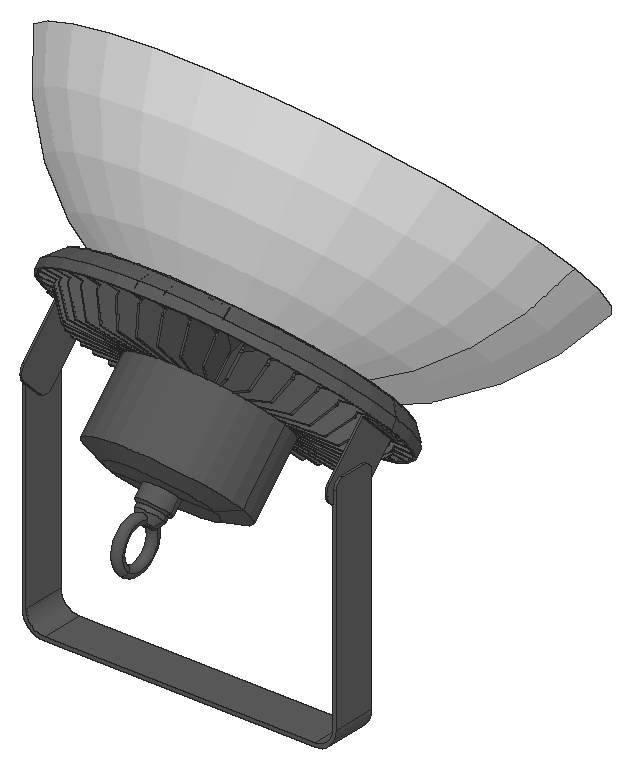
Revit family "0039362+0039353+0039356 Sylvania Lighting Fixture START HighBay IP65 DALI 13000lm 840 MB with BRACKET and ALU SHADE ALU COLOR FOR 13 19KLM", category Lighting Fixtures, host Face, Revit 2016 (continued)
Definition of nested family "Start LED Highbay DALI Head"
  Nested families
    nested 6: "Start Highbay Rib" at (0, 0, 80.875) x (0.7071, 0.7071, 0) z (0, 0, 1), type "Type Name", detail levels medium+fine
      with SuspensionHeight_FEILO 2.6 mm, WidthStraight_FEILO 4.7 mm, WidthRingChamfer_FEILO 12.9 mm, WidthCurved_FEILO 26.2 mm, WidthCurvedRing_FEILO 4.7 mm, SizeS_FEILO no, Rib4_FEILO 14.6 mm, Rib3_FEILO 20.2 mm, Rib2_FEILO 4.5 mm, Rib1_FEILO 19 mm, RadiusDiffuser_FEILO 120 mm, RHRadius3_FEILO 8.6 mm, RHRadius2_FEILO 14 mm, RHRadius1_FEILO 17.7 mm, RHHeight4_FEILO 9.2 mm, RHHeight3_FEILO 4.6 mm, RHHeight2_FEILO 2.6 mm, RHHeight1_FEILO 17.4 mm, HeightRing_FEILO 36.8 mm, HeightRingChamfer_FEILO 26.6 mm, EyeThickness_FEILO 10.5 mm, EyeThicknessHalf_FEILO 5.25 mm, EyeInner_FEILO 17.3 mm, DriverVerticalStraight_FEILO 57 mm, DriverVerticalChamfer_FEILO 9.5 mm, DriverRadius_FEILO 76.4 mm, DriverRadiusTop_FEILO 52.4 mm, DriverBottom_FEILO 74 mm, Radius_FEILO 169.5 mm
    nested 7: "Start Highbay Rib" at (0, 0, 80.875) x (0.5878, 0.809, 0) z (0, 0, 1), type "Type Name", detail levels medium+fine
      with SuspensionHeight_FEILO 2.6 mm, WidthStraight_FEILO 4.7 mm, WidthRingChamfer_FEILO 12.9 mm, WidthCurved_FEILO 26.2 mm, WidthCurvedRing_FEILO 4.7 mm, SizeS_FEILO no, Rib4_FEILO 14.6 mm, Rib3_FEILO 20.2 mm, Rib2_FEILO 4.5 mm, Rib1_FEILO 19 mm, RadiusDiffuser_FEILO 120 mm, RHRadius3_FEILO 8.6 mm, RHRadius2_FEILO 14 mm, RHRadius1_FEILO 17.7 mm, RHHeight4_FEILO 9.2 mm, RHHeight3_FEILO 4.6 mm, RHHeight2_FEILO 2.6 mm, RHHeight1_FEILO 17.4 mm, HeightRing_FEILO 36.8 mm, HeightRingChamfer_FEILO 26.6 mm, EyeThickness_FEILO 10.5 mm, EyeThicknessHalf_FEILO 5.25 mm, EyeInner_FEILO 17.3 mm, DriverVerticalStraight_FEILO 57 mm, DriverVerticalChamfer_FEILO 9.5 mm, DriverRadius_FEILO 76.4 mm, DriverRadiusTop_FEILO 52.4 mm, DriverBottom_FEILO 74 mm, Radius_FEILO 169.5 mm
    nested 8: "Start Highbay Rib" at (0, 0, 80.875) x (0.454, 0.891, 0) z (0, 0, 1), type "Type Name", detail levels medium+fine
      with SuspensionHeight_FEILO 2.6 mm, WidthStraight_FEILO 4.7 mm, WidthRingChamfer_FEILO 12.9 mm, WidthCurved_FEILO 26.2 mm, WidthCurvedRing_FEILO 4.7 mm, SizeS_FEILO no, Rib4_FEILO 14.6 mm, Rib3_FEILO 20.2 mm, Rib2_FEILO 4.5 mm, Rib1_FEILO 19 mm, RadiusDiffuser_FEILO 120 mm, RHRadius3_FEILO 8.6 mm, RHRadius2_FEILO 14 mm, RHRadius1_FEILO 17.7 mm, RHHeight4_FEILO 9.2 mm, RHHeight3_FEILO 4.6 mm, RHHeight2_FEILO 2.6 mm, RHHeight1_FEILO 17.4 mm, HeightRing_FEILO 36.8 mm, HeightRingChamfer_FEILO 26.6 mm, EyeThickness_FEILO 10.5 mm, EyeThicknessHalf_FEILO 5.25 mm, EyeInner_FEILO 17.3 mm, DriverVerticalStraight_FEILO 57 mm, DriverVerticalChamfer_FEILO 9.5 mm, DriverRadius_FEILO 76.4 mm, DriverRadiusTop_FEILO 52.4 mm, DriverBottom_FEILO 74 mm, Radius_FEILO 169.5 mm
    nested 9: "Start Highbay Rib" at (0, 0, 80.875) x (0.309, 0.9511, 0) z (0, 0, 1), type "Type Name", detail levels medium+fine
      with SuspensionHeight_FEILO 2.6 mm, WidthStraight_FEILO 4.7 mm, WidthRingChamfer_FEILO 12.9 mm, WidthCurved_FEILO 26.2 mm, WidthCurvedRing_FEILO 4.7 mm, SizeS_FEILO no, Rib4_FEILO 14.6 mm, Rib3_FEILO 20.2 mm, Rib2_FEILO 4.5 mm, Rib1_FEILO 19 mm, RadiusDiffuser_FEILO 120 mm, RHRadius3_FEILO 8.6 mm, RHRadius2_FEILO 14 mm, RHRadius1_FEILO 17.7 mm, RHHeight4_FEILO 9.2 mm, RHHeight3_FEILO 4.6 mm, RHHeight2_FEILO 2.6 mm, RHHeight1_FEILO 17.4 mm, HeightRing_FEILO 36.8 mm, HeightRingChamfer_FEILO 26.6 mm, EyeThickness_FEILO 10.5 mm, EyeThicknessHalf_FEILO 5.25 mm, EyeInner_FEILO 17.3 mm, DriverVerticalStraight_FEILO 57 mm, DriverVerticalChamfer_FEILO 9.5 mm, DriverRadius_FEILO 76.4 mm, DriverRadiusTop_FEILO 52.4 mm, DriverBottom_FEILO 74 mm, Radius_FEILO 169.5 mm
    nested 10: "Start Highbay Rib" at (0, 0, 80.875) x (0.1564, 0.9877, 0) z (0, 0, 1), type "Type Name", detail levels medium+fine
      with SuspensionHeight_FEILO 2.6 mm, WidthStraight_FEILO 4.7 mm, WidthRingChamfer_FEILO 12.9 mm, WidthCurved_FEILO 26.2 mm, WidthCurvedRing_FEILO 4.7 mm, SizeS_FEILO no, Rib4_FEILO 14.6 mm, Rib3_FEILO 20.2 mm, Rib2_FEILO 4.5 mm, Rib1_FEILO 19 mm, RadiusDiffuser_FEILO 120 mm, RHRadius3_FEILO 8.6 mm, RHRadius2_FEILO 14 mm, RHRadius1_FEILO 17.7 mm, RHHeight4_FEILO 9.2 mm, RHHeight3_FEILO 4.6 mm, RHHeight2_FEILO 2.6 mm, RHHeight1_FEILO 17.4 mm, HeightRing_FEILO 36.8 mm, HeightRingChamfer_FEILO 26.6 mm, EyeThickness_FEILO 10.5 mm, EyeThicknessHalf_FEILO 5.25 mm, EyeInner_FEILO 17.3 mm, DriverVerticalStraight_FEILO 57 mm, DriverVerticalChamfer_FEILO 9.5 mm, DriverRadius_FEILO 76.4 mm, DriverRadiusTop_FEILO 52.4 mm, DriverBottom_FEILO 74 mm, Radius_FEILO 169.5 mm
    nested 11: "Start Highbay Rib" at (0, 0, 80.875) x (0, 1, 0) z (0, 0, 1), type "Type Name", detail levels medium+fine
      with SuspensionHeight_FEILO 2.6 mm, WidthStraight_FEILO 4.7 mm, WidthRingChamfer_FEILO 12.9 mm, WidthCurved_FEILO 26.2 mm, WidthCurvedRing_FEILO 4.7 mm, SizeS_FEILO no, Rib4_FEILO 14.6 mm, Rib3_FEILO 20.2 mm, Rib2_FEILO 4.5 mm, Rib1_FEILO 19 mm, RadiusDiffuser_FEILO 120 mm, RHRadius3_FEILO 8.6 mm, RHRadius2_FEILO 14 mm, RHRadius1_FEILO 17.7 mm, RHHeight4_FEILO 9.2 mm, RHHeight3_FEILO 4.6 mm, RHHeight2_FEILO 2.6 mm, RHHeight1_FEILO 17.4 mm, HeightRing_FEILO 36.8 mm, HeightRingChamfer_FEILO 26.6 mm, EyeThickness_FEILO 10.5 mm, EyeThicknessHalf_FEILO 5.25 mm, EyeInner_FEILO 17.3 mm, DriverVerticalStraight_FEILO 57 mm, DriverVerticalChamfer_FEILO 9.5 mm, DriverRadius_FEILO 76.4 mm, DriverRadiusTop_FEILO 52.4 mm, DriverBottom_FEILO 74 mm, Radius_FEILO 169.5 mm
    nested 12: "Start Highbay Rib" at (0, 0, 80.875) x (-0.1564, 0.9877, 0) z (0, 0, 1), type "Type Name", detail levels medium+fine
      with SuspensionHeight_FEILO 2.6 mm, WidthStraight_FEILO 4.7 mm, WidthRingChamfer_FEILO 12.9 mm, WidthCurved_FEILO 26.2 mm, WidthCurvedRing_FEILO 4.7 mm, SizeS_FEILO no, Rib4_FEILO 14.6 mm, Rib3_FEILO 20.2 mm, Rib2_FEILO 4.5 mm, Rib1_FEILO 19 mm, RadiusDiffuser_FEILO 120 mm, RHRadius3_FEILO 8.6 mm, RHRadius2_FEILO 14 mm, RHRadius1_FEILO 17.7 mm, RHHeight4_FEILO 9.2 mm, RHHeight3_FEILO 4.6 mm, RHHeight2_FEILO 2.6 mm, RHHeight1_FEILO 17.4 mm, HeightRing_FEILO 36.8 mm, HeightRingChamfer_FEILO 26.6 mm, EyeThickness_FEILO 10.5 mm, EyeThicknessHalf_FEILO 5.25 mm, EyeInner_FEILO 17.3 mm, DriverVerticalStraight_FEILO 57 mm, DriverVerticalChamfer_FEILO 9.5 mm, DriverRadius_FEILO 76.4 mm, DriverRadiusTop_FEILO 52.4 mm, DriverBottom_FEILO 74 mm, Radius_FEILO 169.5 mm
    nested 13: "Start Highbay Rib" at (0, 0, 80.875) x (-0.309, 0.9511, 0) z (0, 0, 1), type "Type Name", detail levels medium+fine
      with SuspensionHeight_FEILO 2.6 mm, WidthStraight_FEILO 4.7 mm, WidthRingChamfer_FEILO 12.9 mm, WidthCurved_FEILO 26.2 mm, WidthCurvedRing_FEILO 4.7 mm, SizeS_FEILO no, Rib4_FEILO 14.6 mm, Rib3_FEILO 20.2 mm, Rib2_FEILO 4.5 mm, Rib1_FEILO 19 mm, RadiusDiffuser_FEILO 120 mm, RHRadius3_FEILO 8.6 mm, RHRadius2_FEILO 14 mm, RHRadius1_FEILO 17.7 mm, RHHeight4_FEILO 9.2 mm, RHHeight3_FEILO 4.6 mm, RHHeight2_FEILO 2.6 mm, RHHeight1_FEILO 17.4 mm, HeightRing_FEILO 36.8 mm, HeightRingChamfer_FEILO 26.6 mm, EyeThickness_FEILO 10.5 mm, EyeThicknessHalf_FEILO 5.25 mm, EyeInner_FEILO 17.3 mm, DriverVerticalStraight_FEILO 57 mm, DriverVerticalChamfer_FEILO 9.5 mm, DriverRadius_FEILO 76.4 mm, DriverRadiusTop_FEILO 52.4 mm, DriverBottom_FEILO 74 mm, Radius_FEILO 169.5 mm
    nested 14: "Start Highbay Rib" at (0, 0, 80.875) x (-0.454, 0.891, 0) z (0, 0, 1), type "Type Name", detail levels medium+fine
      with SuspensionHeight_FEILO 2.6 mm, WidthStraight_FEILO 4.7 mm, WidthRingChamfer_FEILO 12.9 mm, WidthCurved_FEILO 26.2 mm, WidthCurvedRing_FEILO 4.7 mm, SizeS_FEILO no, Rib4_FEILO 14.6 mm, Rib3_FEILO 20.2 mm, Rib2_FEILO 4.5 mm, Rib1_FEILO 19 mm, RadiusDiffuser_FEILO 120 mm, RHRadius3_FEILO 8.6 mm, RHRadius2_FEILO 14 mm, RHRadius1_FEILO 17.7 mm, RHHeight4_FEILO 9.2 mm, RHHeight3_FEILO 4.6 mm, RHHeight2_FEILO 2.6 mm, RHHeight1_FEILO 17.4 mm, HeightRing_FEILO 36.8 mm, HeightRingChamfer_FEILO 26.6 mm, EyeThickness_FEILO 10.5 mm, EyeThicknessHalf_FEILO 5.25 mm, EyeInner_FEILO 17.3 mm, DriverVerticalStraight_FEILO 57 mm, DriverVerticalChamfer_FEILO 9.5 mm, DriverRadius_FEILO 76.4 mm, DriverRadiusTop_FEILO 52.4 mm, DriverBottom_FEILO 74 mm, Radius_FEILO 169.5 mm
    nested 15: "Start Highbay Rib" at (0, 0, 80.875) x (-0.5878, 0.809, 0) z (0, 0, 1), type "Type Name", detail levels medium+fine
      with SuspensionHeight_FEILO 2.6 mm, WidthStraight_FEILO 4.7 mm, WidthRingChamfer_FEILO 12.9 mm, WidthCurved_FEILO 26.2 mm, WidthCurvedRing_FEILO 4.7 mm, SizeS_FEILO no, Rib4_FEILO 14.6 mm, Rib3_FEILO 20.2 mm, Rib2_FEILO 4.5 mm, Rib1_FEILO 19 mm, RadiusDiffuser_FEILO 120 mm, RHRadius3_FEILO 8.6 mm, RHRadius2_FEILO 14 mm, RHRadius1_FEILO 17.7 mm, RHHeight4_FEILO 9.2 mm, RHHeight3_FEILO 4.6 mm, RHHeight2_FEILO 2.6 mm, RHHeight1_FEILO 17.4 mm, HeightRing_FEILO 36.8 mm, HeightRingChamfer_FEILO 26.6 mm, EyeThickness_FEILO 10.5 mm, EyeThicknessHalf_FEILO 5.25 mm, EyeInner_FEILO 17.3 mm, DriverVerticalStraight_FEILO 57 mm, DriverVerticalChamfer_FEILO 9.5 mm, DriverRadius_FEILO 76.4 mm, DriverRadiusTop_FEILO 52.4 mm, DriverBottom_FEILO 74 mm, Radius_FEILO 169.5 mm
    nested 16: "Start Highbay Rib" at (0, 0, 80.875) x (-0.7071, 0.7071, 0) z (0, 0, 1), type "Type Name", detail levels medium+fine
      with SuspensionHeight_FEILO 2.6 mm, WidthStraight_FEILO 4.7 mm, WidthRingChamfer_FEILO 12.9 mm, WidthCurved_FEILO 26.2 mm, WidthCurvedRing_FEILO 4.7 mm, SizeS_FEILO no, Rib4_FEILO 14.6 mm, Rib3_FEILO 20.2 mm, Rib2_FEILO 4.5 mm, Rib1_FEILO 19 mm, RadiusDiffuser_FEILO 120 mm, RHRadius3_FEILO 8.6 mm, RHRadius2_FEILO 14 mm, RHRadius1_FEILO 17.7 mm, RHHeight4_FEILO 9.2 mm, RHHeight3_FEILO 4.6 mm, RHHeight2_FEILO 2.6 mm, RHHeight1_FEILO 17.4 mm, HeightRing_FEILO 36.8 mm, HeightRingChamfer_FEILO 26.6 mm, EyeThickness_FEILO 10.5 mm, EyeThicknessHalf_FEILO 5.25 mm, EyeInner_FEILO 17.3 mm, DriverVerticalStraight_FEILO 57 mm, DriverVerticalChamfer_FEILO 9.5 mm, DriverRadius_FEILO 76.4 mm, DriverRadiusTop_FEILO 52.4 mm, DriverBottom_FEILO 74 mm, Radius_FEILO 169.5 mm
    nested 17: "Start Highbay Rib" at (0, 0, 80.875) x (-0.809, 0.5878, 0) z (0, 0, 1), type "Type Name", detail levels medium+fine
      with SuspensionHeight_FEILO 2.6 mm, WidthStraight_FEILO 4.7 mm, WidthRingChamfer_FEILO 12.9 mm, WidthCurved_FEILO 26.2 mm, WidthCurvedRing_FEILO 4.7 mm, SizeS_FEILO no, Rib4_FEILO 14.6 mm, Rib3_FEILO 20.2 mm, Rib2_FEILO 4.5 mm, Rib1_FEILO 19 mm, RadiusDiffuser_FEILO 120 mm, RHRadius3_FEILO 8.6 mm, RHRadius2_FEILO 14 mm, RHRadius1_FEILO 17.7 mm, RHHeight4_FEILO 9.2 mm, RHHeight3_FEILO 4.6 mm, RHHeight2_FEILO 2.6 mm, RHHeight1_FEILO 17.4 mm, HeightRing_FEILO 36.8 mm, HeightRingChamfer_FEILO 26.6 mm, EyeThickness_FEILO 10.5 mm, EyeThicknessHalf_FEILO 5.25 mm, EyeInner_FEILO 17.3 mm, DriverVerticalStraight_FEILO 57 mm, DriverVerticalChamfer_FEILO 9.5 mm, DriverRadius_FEILO 76.4 mm, DriverRadiusTop_FEILO 52.4 mm, DriverBottom_FEILO 74 mm, Radius_FEILO 169.5 mm
    nested 18: "Start Highbay Rib" at (0, 0, 80.875) x (-0.891, 0.454, 0) z (0, 0, 1), type "Type Name", detail levels medium+fine
      with SuspensionHeight_FEILO 2.6 mm, WidthStraight_FEILO 4.7 mm, WidthRingChamfer_FEILO 12.9 mm, WidthCurved_FEILO 26.2 mm, WidthCurvedRing_FEILO 4.7 mm, SizeS_FEILO no, Rib4_FEILO 14.6 mm, Rib3_FEILO 20.2 mm, Rib2_FEILO 4.5 mm, Rib1_FEILO 19 mm, RadiusDiffuser_FEILO 120 mm, RHRadius3_FEILO 8.6 mm, RHRadius2_FEILO 14 mm, RHRadius1_FEILO 17.7 mm, RHHeight4_FEILO 9.2 mm, RHHeight3_FEILO 4.6 mm, RHHeight2_FEILO 2.6 mm, RHHeight1_FEILO 17.4 mm, HeightRing_FEILO 36.8 mm, HeightRingChamfer_FEILO 26.6 mm, EyeThickness_FEILO 10.5 mm, EyeThicknessHalf_FEILO 5.25 mm, EyeInner_FEILO 17.3 mm, DriverVerticalStraight_FEILO 57 mm, DriverVerticalChamfer_FEILO 9.5 mm, DriverRadius_FEILO 76.4 mm, DriverRadiusTop_FEILO 52.4 mm, DriverBottom_FEILO 74 mm, Radius_FEILO 169.5 mm
    nested 19: "Start Highbay Rib" at (0, 0, 80.875) x (-0.9511, 0.309, 0) z (0, 0, 1), type "Type Name", detail levels medium+fine
      with SuspensionHeight_FEILO 2.6 mm, WidthStraight_FEILO 4.7 mm, WidthRingChamfer_FEILO 12.9 mm, WidthCurved_FEILO 26.2 mm, WidthCurvedRing_FEILO 4.7 mm, SizeS_FEILO no, Rib4_FEILO 14.6 mm, Rib3_FEILO 20.2 mm, Rib2_FEILO 4.5 mm, Rib1_FEILO 19 mm, RadiusDiffuser_FEILO 120 mm, RHRadius3_FEILO 8.6 mm, RHRadius2_FEILO 14 mm, RHRadius1_FEILO 17.7 mm, RHHeight4_FEILO 9.2 mm, RHHeight3_FEILO 4.6 mm, RHHeight2_FEILO 2.6 mm, RHHeight1_FEILO 17.4 mm, HeightRing_FEILO 36.8 mm, HeightRingChamfer_FEILO 26.6 mm, EyeThickness_FEILO 10.5 mm, EyeThicknessHalf_FEILO 5.25 mm, EyeInner_FEILO 17.3 mm, DriverVerticalStraight_FEILO 57 mm, DriverVerticalChamfer_FEILO 9.5 mm, DriverRadius_FEILO 76.4 mm, DriverRadiusTop_FEILO 52.4 mm, DriverBottom_FEILO 74 mm, Radius_FEILO 169.5 mm
    nested 20: "Start Highbay Rib" at (0, 0, 80.875) x (-0.9877, 0.1564, 0) z (0, 0, 1), type "Type Name", detail levels medium+fine
      with SuspensionHeight_FEILO 2.6 mm, WidthStraight_FEILO 4.7 mm, WidthRingChamfer_FEILO 12.9 mm, WidthCurved_FEILO 26.2 mm, WidthCurvedRing_FEILO 4.7 mm, SizeS_FEILO no, Rib4_FEILO 14.6 mm, Rib3_FEILO 20.2 mm, Rib2_FEILO 4.5 mm, Rib1_FEILO 19 mm, RadiusDiffuser_FEILO 120 mm, RHRadius3_FEILO 8.6 mm, RHRadius2_FEILO 14 mm, RHRadius1_FEILO 17.7 mm, RHHeight4_FEILO 9.2 mm, RHHeight3_FEILO 4.6 mm, RHHeight2_FEILO 2.6 mm, RHHeight1_FEILO 17.4 mm, HeightRing_FEILO 36.8 mm, HeightRingChamfer_FEILO 26.6 mm, EyeThickness_FEILO 10.5 mm, EyeThicknessHalf_FEILO 5.25 mm, EyeInner_FEILO 17.3 mm, DriverVerticalStraight_FEILO 57 mm, DriverVerticalChamfer_FEILO 9.5 mm, DriverRadius_FEILO 76.4 mm, DriverRadiusTop_FEILO 52.4 mm, DriverBottom_FEILO 74 mm, Radius_FEILO 169.5 mm
    nested 21: "Start Highbay Rib" at (0, 0, 80.875) x (-1, 0, 0) z (0, 0, 1), type "Type Name", detail levels medium+fine
      with SuspensionHeight_FEILO 2.6 mm, WidthStraight_FEILO 4.7 mm, WidthRingChamfer_FEILO 12.9 mm, WidthCurved_FEILO 26.2 mm, WidthCurvedRing_FEILO 4.7 mm, SizeS_FEILO no, Rib4_FEILO 14.6 mm, Rib3_FEILO 20.2 mm, Rib2_FEILO 4.5 mm, Rib1_FEILO 19 mm, RadiusDiffuser_FEILO 120 mm, RHRadius3_FEILO 8.6 mm, RHRadius2_FEILO 14 mm, RHRadius1_FEILO 17.7 mm, RHHeight4_FEILO 9.2 mm, RHHeight3_FEILO 4.6 mm, RHHeight2_FEILO 2.6 mm, RHHeight1_FEILO 17.4 mm, HeightRing_FEILO 36.8 mm, HeightRingChamfer_FEILO 26.6 mm, EyeThickness_FEILO 10.5 mm, EyeThicknessHalf_FEILO 5.25 mm, EyeInner_FEILO 17.3 mm, DriverVerticalStraight_FEILO 57 mm, DriverVerticalChamfer_FEILO 9.5 mm, DriverRadius_FEILO 76.4 mm, DriverRadiusTop_FEILO 52.4 mm, DriverBottom_FEILO 74 mm, Radius_FEILO 169.5 mm
    nested 22: "Start Highbay Rib" at (0, 0, 80.875) x (-0.9877, -0.1564, 0) z (0, 0, 1), type "Type Name", detail levels medium+fine
      with SuspensionHeight_FEILO 2.6 mm, WidthStraight_FEILO 4.7 mm, WidthRingChamfer_FEILO 12.9 mm, WidthCurved_FEILO 26.2 mm, WidthCurvedRing_FEILO 4.7 mm, SizeS_FEILO no, Rib4_FEILO 14.6 mm, Rib3_FEILO 20.2 mm, Rib2_FEILO 4.5 mm, Rib1_FEILO 19 mm, RadiusDiffuser_FEILO 120 mm, RHRadius3_FEILO 8.6 mm, RHRadius2_FEILO 14 mm, RHRadius1_FEILO 17.7 mm, RHHeight4_FEILO 9.2 mm, RHHeight3_FEILO 4.6 mm, RHHeight2_FEILO 2.6 mm, RHHeight1_FEILO 17.4 mm, HeightRing_FEILO 36.8 mm, HeightRingChamfer_FEILO 26.6 mm, EyeThickness_FEILO 10.5 mm, EyeThicknessHalf_FEILO 5.25 mm, EyeInner_FEILO 17.3 mm, DriverVerticalStraight_FEILO 57 mm, DriverVerticalChamfer_FEILO 9.5 mm, DriverRadius_FEILO 76.4 mm, DriverRadiusTop_FEILO 52.4 mm, DriverBottom_FEILO 74 mm, Radius_FEILO 169.5 mm
    nested 23: "Start Highbay Rib" at (0, 0, 80.875) x (-0.9511, -0.309, 0) z (0, 0, 1), type "Type Name", detail levels medium+fine
      with SuspensionHeight_FEILO 2.6 mm, WidthStraight_FEILO 4.7 mm, WidthRingChamfer_FEILO 12.9 mm, WidthCurved_FEILO 26.2 mm, WidthCurvedRing_FEILO 4.7 mm, SizeS_FEILO no, Rib4_FEILO 14.6 mm, Rib3_FEILO 20.2 mm, Rib2_FEILO 4.5 mm, Rib1_FEILO 19 mm, RadiusDiffuser_FEILO 120 mm, RHRadius3_FEILO 8.6 mm, RHRadius2_FEILO 14 mm, RHRadius1_FEILO 17.7 mm, RHHeight4_FEILO 9.2 mm, RHHeight3_FEILO 4.6 mm, RHHeight2_FEILO 2.6 mm, RHHeight1_FEILO 17.4 mm, HeightRing_FEILO 36.8 mm, HeightRingChamfer_FEILO 26.6 mm, EyeThickness_FEILO 10.5 mm, EyeThicknessHalf_FEILO 5.25 mm, EyeInner_FEILO 17.3 mm, DriverVerticalStraight_FEILO 57 mm, DriverVerticalChamfer_FEILO 9.5 mm, DriverRadius_FEILO 76.4 mm, DriverRadiusTop_FEILO 52.4 mm, DriverBottom_FEILO 74 mm, Radius_FEILO 169.5 mm
    nested 24: "Start Highbay Rib" at (0, 0, 80.875) x (-0.891, -0.454, 0) z (0, 0, 1), type "Type Name", detail levels medium+fine
      with SuspensionHeight_FEILO 2.6 mm, WidthStraight_FEILO 4.7 mm, WidthRingChamfer_FEILO 12.9 mm, WidthCurved_FEILO 26.2 mm, WidthCurvedRing_FEILO 4.7 mm, SizeS_FEILO no, Rib4_FEILO 14.6 mm, Rib3_FEILO 20.2 mm, Rib2_FEILO 4.5 mm, Rib1_FEILO 19 mm, RadiusDiffuser_FEILO 120 mm, RHRadius3_FEILO 8.6 mm, RHRadius2_FEILO 14 mm, RHRadius1_FEILO 17.7 mm, RHHeight4_FEILO 9.2 mm, RHHeight3_FEILO 4.6 mm, RHHeight2_FEILO 2.6 mm, RHHeight1_FEILO 17.4 mm, HeightRing_FEILO 36.8 mm, HeightRingChamfer_FEILO 26.6 mm, EyeThickness_FEILO 10.5 mm, EyeThicknessHalf_FEILO 5.25 mm, EyeInner_FEILO 17.3 mm, DriverVerticalStraight_FEILO 57 mm, DriverVerticalChamfer_FEILO 9.5 mm, DriverRadius_FEILO 76.4 mm, DriverRadiusTop_FEILO 52.4 mm, DriverBottom_FEILO 74 mm, Radius_FEILO 169.5 mm
    nested 25: "Start Highbay Rib" at (0, 0, 80.875) x (-0.809, -0.5878, 0) z (0, 0, 1), type "Type Name", detail levels medium+fine
      with SuspensionHeight_FEILO 2.6 mm, WidthStraight_FEILO 4.7 mm, WidthRingChamfer_FEILO 12.9 mm, WidthCurved_FEILO 26.2 mm, WidthCurvedRing_FEILO 4.7 mm, SizeS_FEILO no, Rib4_FEILO 14.6 mm, Rib3_FEILO 20.2 mm, Rib2_FEILO 4.5 mm, Rib1_FEILO 19 mm, RadiusDiffuser_FEILO 120 mm, RHRadius3_FEILO 8.6 mm, RHRadius2_FEILO 14 mm, RHRadius1_FEILO 17.7 mm, RHHeight4_FEILO 9.2 mm, RHHeight3_FEILO 4.6 mm, RHHeight2_FEILO 2.6 mm, RHHeight1_FEILO 17.4 mm, HeightRing_FEILO 36.8 mm, HeightRingChamfer_FEILO 26.6 mm, EyeThickness_FEILO 10.5 mm, EyeThicknessHalf_FEILO 5.25 mm, EyeInner_FEILO 17.3 mm, DriverVerticalStraight_FEILO 57 mm, DriverVerticalChamfer_FEILO 9.5 mm, DriverRadius_FEILO 76.4 mm, DriverRadiusTop_FEILO 52.4 mm, DriverBottom_FEILO 74 mm, Radius_FEILO 169.5 mm
    nested 26: "Start Highbay Rib" at (0, 0, 80.875) x (-0.7071, -0.7071, 0) z (0, 0, 1), type "Type Name", detail levels medium+fine
      with SuspensionHeight_FEILO 2.6 mm, WidthStraight_FEILO 4.7 mm, WidthRingChamfer_FEILO 12.9 mm, WidthCurved_FEILO 26.2 mm, WidthCurvedRing_FEILO 4.7 mm, SizeS_FEILO no, Rib4_FEILO 14.6 mm, Rib3_FEILO 20.2 mm, Rib2_FEILO 4.5 mm, Rib1_FEILO 19 mm, RadiusDiffuser_FEILO 120 mm, RHRadius3_FEILO 8.6 mm, RHRadius2_FEILO 14 mm, RHRadius1_FEILO 17.7 mm, RHHeight4_FEILO 9.2 mm, RHHeight3_FEILO 4.6 mm, RHHeight2_FEILO 2.6 mm, RHHeight1_FEILO 17.4 mm, HeightRing_FEILO 36.8 mm, HeightRingChamfer_FEILO 26.6 mm, EyeThickness_FEILO 10.5 mm, EyeThicknessHalf_FEILO 5.25 mm, EyeInner_FEILO 17.3 mm, DriverVerticalStraight_FEILO 57 mm, DriverVerticalChamfer_FEILO 9.5 mm, DriverRadius_FEILO 76.4 mm, DriverRadiusTop_FEILO 52.4 mm, DriverBottom_FEILO 74 mm, Radius_FEILO 169.5 mm
    nested 27: "Start Highbay Rib" at (0, 0, 80.875) x (-0.5878, -0.809, 0) z (0, 0, 1), type "Type Name", detail levels medium+fine
      with SuspensionHeight_FEILO 2.6 mm, WidthStraight_FEILO 4.7 mm, WidthRingChamfer_FEILO 12.9 mm, WidthCurved_FEILO 26.2 mm, WidthCurvedRing_FEILO 4.7 mm, SizeS_FEILO no, Rib4_FEILO 14.6 mm, Rib3_FEILO 20.2 mm, Rib2_FEILO 4.5 mm, Rib1_FEILO 19 mm, RadiusDiffuser_FEILO 120 mm, RHRadius3_FEILO 8.6 mm, RHRadius2_FEILO 14 mm, RHRadius1_FEILO 17.7 mm, RHHeight4_FEILO 9.2 mm, RHHeight3_FEILO 4.6 mm, RHHeight2_FEILO 2.6 mm, RHHeight1_FEILO 17.4 mm, HeightRing_FEILO 36.8 mm, HeightRingChamfer_FEILO 26.6 mm, EyeThickness_FEILO 10.5 mm, EyeThicknessHalf_FEILO 5.25 mm, EyeInner_FEILO 17.3 mm, DriverVerticalStraight_FEILO 57 mm, DriverVerticalChamfer_FEILO 9.5 mm, DriverRadius_FEILO 76.4 mm, DriverRadiusTop_FEILO 52.4 mm, DriverBottom_FEILO 74 mm, Radius_FEILO 169.5 mm
    nested 28: "Start Highbay Rib" at (0, 0, 80.875) x (-0.454, -0.891, 0) z (0, 0, 1), type "Type Name", detail levels medium+fine
      with SuspensionHeight_FEILO 2.6 mm, WidthStraight_FEILO 4.7 mm, WidthRingChamfer_FEILO 12.9 mm, WidthCurved_FEILO 26.2 mm, WidthCurvedRing_FEILO 4.7 mm, SizeS_FEILO no, Rib4_FEILO 14.6 mm, Rib3_FEILO 20.2 mm, Rib2_FEILO 4.5 mm, Rib1_FEILO 19 mm, RadiusDiffuser_FEILO 120 mm, RHRadius3_FEILO 8.6 mm, RHRadius2_FEILO 14 mm, RHRadius1_FEILO 17.7 mm, RHHeight4_FEILO 9.2 mm, RHHeight3_FEILO 4.6 mm, RHHeight2_FEILO 2.6 mm, RHHeight1_FEILO 17.4 mm, HeightRing_FEILO 36.8 mm, HeightRingChamfer_FEILO 26.6 mm, EyeThickness_FEILO 10.5 mm, EyeThicknessHalf_FEILO 5.25 mm, EyeInner_FEILO 17.3 mm, DriverVerticalStraight_FEILO 57 mm, DriverVerticalChamfer_FEILO 9.5 mm, DriverRadius_FEILO 76.4 mm, DriverRadiusTop_FEILO 52.4 mm, DriverBottom_FEILO 74 mm, Radius_FEILO 169.5 mm
    nested 29: "Start Highbay Rib" at (0, 0, 80.875) x (-0.309, -0.9511, 0) z (0, 0, 1), type "Type Name", detail levels medium+fine
      with SuspensionHeight_FEILO 2.6 mm, WidthStraight_FEILO 4.7 mm, WidthRingChamfer_FEILO 12.9 mm, WidthCurved_FEILO 26.2 mm, WidthCurvedRing_FEILO 4.7 mm, SizeS_FEILO no, Rib4_FEILO 14.6 mm, Rib3_FEILO 20.2 mm, Rib2_FEILO 4.5 mm, Rib1_FEILO 19 mm, RadiusDiffuser_FEILO 120 mm, RHRadius3_FEILO 8.6 mm, RHRadius2_FEILO 14 mm, RHRadius1_FEILO 17.7 mm, RHHeight4_FEILO 9.2 mm, RHHeight3_FEILO 4.6 mm, RHHeight2_FEILO 2.6 mm, RHHeight1_FEILO 17.4 mm, HeightRing_FEILO 36.8 mm, HeightRingChamfer_FEILO 26.6 mm, EyeThickness_FEILO 10.5 mm, EyeThicknessHalf_FEILO 5.25 mm, EyeInner_FEILO 17.3 mm, DriverVerticalStraight_FEILO 57 mm, DriverVerticalChamfer_FEILO 9.5 mm, DriverRadius_FEILO 76.4 mm, DriverRadiusTop_FEILO 52.4 mm, DriverBottom_FEILO 74 mm, Radius_FEILO 169.5 mm
    nested 30: "Start Highbay Rib" at (0, 0, 80.875) x (-0.1564, -0.9877, 0) z (0, 0, 1), type "Type Name", detail levels medium+fine
      with SuspensionHeight_FEILO 2.6 mm, WidthStraight_FEILO 4.7 mm, WidthRingChamfer_FEILO 12.9 mm, WidthCurved_FEILO 26.2 mm, WidthCurvedRing_FEILO 4.7 mm, SizeS_FEILO no, Rib4_FEILO 14.6 mm, Rib3_FEILO 20.2 mm, Rib2_FEILO 4.5 mm, Rib1_FEILO 19 mm, RadiusDiffuser_FEILO 120 mm, RHRadius3_FEILO 8.6 mm, RHRadius2_FEILO 14 mm, RHRadius1_FEILO 17.7 mm, RHHeight4_FEILO 9.2 mm, RHHeight3_FEILO 4.6 mm, RHHeight2_FEILO 2.6 mm, RHHeight1_FEILO 17.4 mm, HeightRing_FEILO 36.8 mm, HeightRingChamfer_FEILO 26.6 mm, EyeThickness_FEILO 10.5 mm, EyeThicknessHalf_FEILO 5.25 mm, EyeInner_FEILO 17.3 mm, DriverVerticalStraight_FEILO 57 mm, DriverVerticalChamfer_FEILO 9.5 mm, DriverRadius_FEILO 76.4 mm, DriverRadiusTop_FEILO 52.4 mm, DriverBottom_FEILO 74 mm, Radius_FEILO 169.5 mm
    nested 31: "Start Highbay Rib" at (0, 0, 80.875) x (0, -1, 0) z (0, 0, 1), type "Type Name", detail levels medium+fine
      with SuspensionHeight_FEILO 2.6 mm, WidthStraight_FEILO 4.7 mm, WidthRingChamfer_FEILO 12.9 mm, WidthCurved_FEILO 26.2 mm, WidthCurvedRing_FEILO 4.7 mm, SizeS_FEILO no, Rib4_FEILO 14.6 mm, Rib3_FEILO 20.2 mm, Rib2_FEILO 4.5 mm, Rib1_FEILO 19 mm, RadiusDiffuser_FEILO 120 mm, RHRadius3_FEILO 8.6 mm, RHRadius2_FEILO 14 mm, RHRadius1_FEILO 17.7 mm, RHHeight4_FEILO 9.2 mm, RHHeight3_FEILO 4.6 mm, RHHeight2_FEILO 2.6 mm, RHHeight1_FEILO 17.4 mm, HeightRing_FEILO 36.8 mm, HeightRingChamfer_FEILO 26.6 mm, EyeThickness_FEILO 10.5 mm, EyeThicknessHalf_FEILO 5.25 mm, EyeInner_FEILO 17.3 mm, DriverVerticalStraight_FEILO 57 mm, DriverVerticalChamfer_FEILO 9.5 mm, DriverRadius_FEILO 76.4 mm, DriverRadiusTop_FEILO 52.4 mm, DriverBottom_FEILO 74 mm, Radius_FEILO 169.5 mm
    nested 32: "Start Highbay Rib" at (0, 0, 80.875) x (0.1564, -0.9877, 0) z (0, 0, 1), type "Type Name", detail levels medium+fine
      with SuspensionHeight_FEILO 2.6 mm, WidthStraight_FEILO 4.7 mm, WidthRingChamfer_FEILO 12.9 mm, WidthCurved_FEILO 26.2 mm, WidthCurvedRing_FEILO 4.7 mm, SizeS_FEILO no, Rib4_FEILO 14.6 mm, Rib3_FEILO 20.2 mm, Rib2_FEILO 4.5 mm, Rib1_FEILO 19 mm, RadiusDiffuser_FEILO 120 mm, RHRadius3_FEILO 8.6 mm, RHRadius2_FEILO 14 mm, RHRadius1_FEILO 17.7 mm, RHHeight4_FEILO 9.2 mm, RHHeight3_FEILO 4.6 mm, RHHeight2_FEILO 2.6 mm, RHHeight1_FEILO 17.4 mm, HeightRing_FEILO 36.8 mm, HeightRingChamfer_FEILO 26.6 mm, EyeThickness_FEILO 10.5 mm, EyeThicknessHalf_FEILO 5.25 mm, EyeInner_FEILO 17.3 mm, DriverVerticalStraight_FEILO 57 mm, DriverVerticalChamfer_FEILO 9.5 mm, DriverRadius_FEILO 76.4 mm, DriverRadiusTop_FEILO 52.4 mm, DriverBottom_FEILO 74 mm, Radius_FEILO 169.5 mm
    nested 33: "Start Highbay Rib" at (0, 0, 80.875) x (0.309, -0.9511, 0) z (0, 0, 1), type "Type Name", detail levels medium+fine
      with SuspensionHeight_FEILO 2.6 mm, WidthStraight_FEILO 4.7 mm, WidthRingChamfer_FEILO 12.9 mm, WidthCurved_FEILO 26.2 mm, WidthCurvedRing_FEILO 4.7 mm, SizeS_FEILO no, Rib4_FEILO 14.6 mm, Rib3_FEILO 20.2 mm, Rib2_FEILO 4.5 mm, Rib1_FEILO 19 mm, RadiusDiffuser_FEILO 120 mm, RHRadius3_FEILO 8.6 mm, RHRadius2_FEILO 14 mm, RHRadius1_FEILO 17.7 mm, RHHeight4_FEILO 9.2 mm, RHHeight3_FEILO 4.6 mm, RHHeight2_FEILO 2.6 mm, RHHeight1_FEILO 17.4 mm, HeightRing_FEILO 36.8 mm, HeightRingChamfer_FEILO 26.6 mm, EyeThickness_FEILO 10.5 mm, EyeThicknessHalf_FEILO 5.25 mm, EyeInner_FEILO 17.3 mm, DriverVerticalStraight_FEILO 57 mm, DriverVerticalChamfer_FEILO 9.5 mm, DriverRadius_FEILO 76.4 mm, DriverRadiusTop_FEILO 52.4 mm, DriverBottom_FEILO 74 mm, Radius_FEILO 169.5 mm
    nested 34: "Start Highbay Rib" at (0, 0, 80.875) x (0.454, -0.891, 0) z (0, 0, 1), type "Type Name", detail levels medium+fine
      with SuspensionHeight_FEILO 2.6 mm, WidthStraight_FEILO 4.7 mm, WidthRingChamfer_FEILO 12.9 mm, WidthCurved_FEILO 26.2 mm, WidthCurvedRing_FEILO 4.7 mm, SizeS_FEILO no, Rib4_FEILO 14.6 mm, Rib3_FEILO 20.2 mm, Rib2_FEILO 4.5 mm, Rib1_FEILO 19 mm, RadiusDiffuser_FEILO 120 mm, RHRadius3_FEILO 8.6 mm, RHRadius2_FEILO 14 mm, RHRadius1_FEILO 17.7 mm, RHHeight4_FEILO 9.2 mm, RHHeight3_FEILO 4.6 mm, RHHeight2_FEILO 2.6 mm, RHHeight1_FEILO 17.4 mm, HeightRing_FEILO 36.8 mm, HeightRingChamfer_FEILO 26.6 mm, EyeThickness_FEILO 10.5 mm, EyeThicknessHalf_FEILO 5.25 mm, EyeInner_FEILO 17.3 mm, DriverVerticalStraight_FEILO 57 mm, DriverVerticalChamfer_FEILO 9.5 mm, DriverRadius_FEILO 76.4 mm, DriverRadiusTop_FEILO 52.4 mm, DriverBottom_FEILO 74 mm, Radius_FEILO 169.5 mm
    nested 35: "Start Highbay Rib" at (0, 0, 80.875) x (0.5878, -0.809, 0) z (0, 0, 1), type "Type Name", detail levels medium+fine
      with SuspensionHeight_FEILO 2.6 mm, WidthStraight_FEILO 4.7 mm, WidthRingChamfer_FEILO 12.9 mm, WidthCurved_FEILO 26.2 mm, WidthCurvedRing_FEILO 4.7 mm, SizeS_FEILO no, Rib4_FEILO 14.6 mm, Rib3_FEILO 20.2 mm, Rib2_FEILO 4.5 mm, Rib1_FEILO 19 mm, RadiusDiffuser_FEILO 120 mm, RHRadius3_FEILO 8.6 mm, RHRadius2_FEILO 14 mm, RHRadius1_FEILO 17.7 mm, RHHeight4_FEILO 9.2 mm, RHHeight3_FEILO 4.6 mm, RHHeight2_FEILO 2.6 mm, RHHeight1_FEILO 17.4 mm, HeightRing_FEILO 36.8 mm, HeightRingChamfer_FEILO 26.6 mm, EyeThickness_FEILO 10.5 mm, EyeThicknessHalf_FEILO 5.25 mm, EyeInner_FEILO 17.3 mm, DriverVerticalStraight_FEILO 57 mm, DriverVerticalChamfer_FEILO 9.5 mm, DriverRadius_FEILO 76.4 mm, DriverRadiusTop_FEILO 52.4 mm, DriverBottom_FEILO 74 mm, Radius_FEILO 169.5 mm
    nested 36: "Start Highbay Rib" at (0, 0, 80.875) x (0.7071, -0.7071, 0) z (0, 0, 1), type "Type Name", detail levels medium+fine
      with SuspensionHeight_FEILO 2.6 mm, WidthStraight_FEILO 4.7 mm, WidthRingChamfer_FEILO 12.9 mm, WidthCurved_FEILO 26.2 mm, WidthCurvedRing_FEILO 4.7 mm, SizeS_FEILO no, Rib4_FEILO 14.6 mm, Rib3_FEILO 20.2 mm, Rib2_FEILO 4.5 mm, Rib1_FEILO 19 mm, RadiusDiffuser_FEILO 120 mm, RHRadius3_FEILO 8.6 mm, RHRadius2_FEILO 14 mm, RHRadius1_FEILO 17.7 mm, RHHeight4_FEILO 9.2 mm, RHHeight3_FEILO 4.6 mm, RHHeight2_FEILO 2.6 mm, RHHeight1_FEILO 17.4 mm, HeightRing_FEILO 36.8 mm, HeightRingChamfer_FEILO 26.6 mm, EyeThickness_FEILO 10.5 mm, EyeThicknessHalf_FEILO 5.25 mm, EyeInner_FEILO 17.3 mm, DriverVerticalStraight_FEILO 57 mm, DriverVerticalChamfer_FEILO 9.5 mm, DriverRadius_FEILO 76.4 mm, DriverRadiusTop_FEILO 52.4 mm, DriverBottom_FEILO 74 mm, Radius_FEILO 169.5 mm
    nested 37: "Start Highbay Rib" at (0, 0, 80.875) x (0.809, -0.5878, 0) z (0, 0, 1), type "Type Name", detail levels medium+fine
      with SuspensionHeight_FEILO 2.6 mm, WidthStraight_FEILO 4.7 mm, WidthRingChamfer_FEILO 12.9 mm, WidthCurved_FEILO 26.2 mm, WidthCurvedRing_FEILO 4.7 mm, SizeS_FEILO no, Rib4_FEILO 14.6 mm, Rib3_FEILO 20.2 mm, Rib2_FEILO 4.5 mm, Rib1_FEILO 19 mm, RadiusDiffuser_FEILO 120 mm, RHRadius3_FEILO 8.6 mm, RHRadius2_FEILO 14 mm, RHRadius1_FEILO 17.7 mm, RHHeight4_FEILO 9.2 mm, RHHeight3_FEILO 4.6 mm, RHHeight2_FEILO 2.6 mm, RHHeight1_FEILO 17.4 mm, HeightRing_FEILO 36.8 mm, HeightRingChamfer_FEILO 26.6 mm, EyeThickness_FEILO 10.5 mm, EyeThicknessHalf_FEILO 5.25 mm, EyeInner_FEILO 17.3 mm, DriverVerticalStraight_FEILO 57 mm, DriverVerticalChamfer_FEILO 9.5 mm, DriverRadius_FEILO 76.4 mm, DriverRadiusTop_FEILO 52.4 mm, DriverBottom_FEILO 74 mm, Radius_FEILO 169.5 mm
    nested 38: "Start Highbay Rib" at (0, 0, 80.875) x (0.891, -0.454, 0) z (0, 0, 1), type "Type Name", detail levels medium+fine
      with SuspensionHeight_FEILO 2.6 mm, WidthStraight_FEILO 4.7 mm, WidthRingChamfer_FEILO 12.9 mm, WidthCurved_FEILO 26.2 mm, WidthCurvedRing_FEILO 4.7 mm, SizeS_FEILO no, Rib4_FEILO 14.6 mm, Rib3_FEILO 20.2 mm, Rib2_FEILO 4.5 mm, Rib1_FEILO 19 mm, RadiusDiffuser_FEILO 120 mm, RHRadius3_FEILO 8.6 mm, RHRadius2_FEILO 14 mm, RHRadius1_FEILO 17.7 mm, RHHeight4_FEILO 9.2 mm, RHHeight3_FEILO 4.6 mm, RHHeight2_FEILO 2.6 mm, RHHeight1_FEILO 17.4 mm, HeightRing_FEILO 36.8 mm, HeightRingChamfer_FEILO 26.6 mm, EyeThickness_FEILO 10.5 mm, EyeThicknessHalf_FEILO 5.25 mm, EyeInner_FEILO 17.3 mm, DriverVerticalStraight_FEILO 57 mm, DriverVerticalChamfer_FEILO 9.5 mm, DriverRadius_FEILO 76.4 mm, DriverRadiusTop_FEILO 52.4 mm, DriverBottom_FEILO 74 mm, Radius_FEILO 169.5 mm
    nested 39: "Start Highbay Rib" at (0, 0, 80.875) x (0.9511, -0.309, 0) z (0, 0, 1), type "Type Name", detail levels medium+fine
      with SuspensionHeight_FEILO 2.6 mm, WidthStraight_FEILO 4.7 mm, WidthRingChamfer_FEILO 12.9 mm, WidthCurved_FEILO 26.2 mm, WidthCurvedRing_FEILO 4.7 mm, SizeS_FEILO no, Rib4_FEILO 14.6 mm, Rib3_FEILO 20.2 mm, Rib2_FEILO 4.5 mm, Rib1_FEILO 19 mm, RadiusDiffuser_FEILO 120 mm, RHRadius3_FEILO 8.6 mm, RHRadius2_FEILO 14 mm, RHRadius1_FEILO 17.7 mm, RHHeight4_FEILO 9.2 mm, RHHeight3_FEILO 4.6 mm, RHHeight2_FEILO 2.6 mm, RHHeight1_FEILO 17.4 mm, HeightRing_FEILO 36.8 mm, HeightRingChamfer_FEILO 26.6 mm, EyeThickness_FEILO 10.5 mm, EyeThicknessHalf_FEILO 5.25 mm, EyeInner_FEILO 17.3 mm, DriverVerticalStraight_FEILO 57 mm, DriverVerticalChamfer_FEILO 9.5 mm, DriverRadius_FEILO 76.4 mm, DriverRadiusTop_FEILO 52.4 mm, DriverBottom_FEILO 74 mm, Radius_FEILO 169.5 mm
    nested 40: "Start Highbay Rib" at (0, 0, 80.875) x (0.9877, -0.1564, 0) z (0, 0, 1), type "Type Name", detail levels medium+fine
      with SuspensionHeight_FEILO 2.6 mm, WidthStraight_FEILO 4.7 mm, WidthRingChamfer_FEILO 12.9 mm, WidthCurved_FEILO 26.2 mm, WidthCurvedRing_FEILO 4.7 mm, SizeS_FEILO no, Rib4_FEILO 14.6 mm, Rib3_FEILO 20.2 mm, Rib2_FEILO 4.5 mm, Rib1_FEILO 19 mm, RadiusDiffuser_FEILO 120 mm, RHRadius3_FEILO 8.6 mm, RHRadius2_FEILO 14 mm, RHRadius1_FEILO 17.7 mm, RHHeight4_FEILO 9.2 mm, RHHeight3_FEILO 4.6 mm, RHHeight2_FEILO 2.6 mm, RHHeight1_FEILO 17.4 mm, HeightRing_FEILO 36.8 mm, HeightRingChamfer_FEILO 26.6 mm, EyeThickness_FEILO 10.5 mm, EyeThicknessHalf_FEILO 5.25 mm, EyeInner_FEILO 17.3 mm, DriverVerticalStraight_FEILO 57 mm, DriverVerticalChamfer_FEILO 9.5 mm, DriverRadius_FEILO 76.4 mm, DriverRadiusTop_FEILO 52.4 mm, DriverBottom_FEILO 74 mm, Radius_FEILO 169.5 mm
  Definition of nested family "Start Highbay Rib"
    Parameters (values of type "Type Name")
      WidthStraight_FEILO = if(SizeS_FEILO, 3 mm, if(SizeM_FEILO, 4 mm, 4.7 mm))  # 3 mm
      WidthRingChamfer_FEILO = if(SizeS_FEILO, 10.3 mm, if(SizeM_FEILO, 11.2 mm, 12.9 mm))  # 10.3 mm
      WidthCurved_FEILO = if(SizeS_FEILO, 17.4 mm, if(SizeM_FEILO, 16.4 mm, 26.2 mm))  # 17.4 mm
      WidthCurvedRing_FEILO = if(SizeS_FEILO, 3 mm, if(SizeM_FEILO, 4 mm, 4.7 mm))  # 3 mm
      WidthBracket_FEILO = 40 mm
      URL = "http://www.feilosylvania.com"
      Type Image = (empty or 0)
      Type Comments = "n/a"
      ThicknessWall_FEILO = 1.5 mm
      ThicknessBracket_FEILO = 1.5 mm
      ThicknessBracketHalf_FEILO = ThicknessBracket_FEILO / 2  # 0.75 mm
      SuspensionHeight_FEILO [instance] = 2.6 mm
      SizeS_FEILO = yes
      SizeM_FEILO = no
      Rib4_FEILO = if(SizeS_FEILO, 18.1 mm, if(SizeM_FEILO, 13.6 mm, 14.6 mm))  # 18.1 mm
      Rib3_FEILO = if(SizeS_FEILO, 15.3 mm, if(SizeM_FEILO, 17.6 mm, 20.2 mm))  # 15.3 mm
      Rib2_FEILO = if(SizeS_FEILO, 3.6 mm, if(SizeM_FEILO, 3.9 mm, 4.5 mm))  # 3.6 mm
      Rib1_FEILO = if(SizeS_FEILO, 15.1 mm, if(SizeM_FEILO, 16.5 mm, 19 mm))  # 15.1 mm
      RadiusRib_FEILO = 2 mm
      RadiusDiffuser_FEILO = if(SizeS_FEILO, 95.2 mm, if(SizeM_FEILO, 105.3 mm, 120 mm))  # 95.2 mm
      RHRadius3_FEILO = if(SizeS_FEILO, 6.6 mm, if(SizeM_FEILO, 7.4 mm, 8.6 mm))  # 6.6 mm
      RHRadius2_FEILO = if(SizeS_FEILO, 11 mm, if(SizeM_FEILO, 12 mm, 14 mm))  # 11 mm
      RHRadius1_FEILO = if(SizeS_FEILO, 13.6 mm, if(SizeM_FEILO, 14.9 mm, 17.7 mm))  # 13.6 mm
      RHHeight4_FEILO = if(SizeS_FEILO, 7.3 mm, if(SizeM_FEILO, 8 mm, 9.2 mm))  # 7.3 mm
      RHHeight3_FEILO = if(SizeS_FEILO, 3.6 mm, if(SizeM_FEILO, 3.7 mm, 4.6 mm))  # 3.6 mm
      RHHeight2_FEILO = if(SizeS_FEILO, 2 mm, if(SizeM_FEILO, 2.2 mm, 2.6 mm))  # 2 mm
      RHHeight1_FEILO = if(SizeS_FEILO, 11.8 mm, if(SizeM_FEILO, 15.3 mm, 17.4 mm))  # 11.8 mm
      Material_3_FEILO = none
      Model = ""
      Manufacturer = "Feilo Sylvania"
      Keynote = "16500"
      HeightRing_FEILO = if(SizeS_FEILO, 19.8 mm, if(SizeM_FEILO, 32 mm, 36.8 mm))  # 19.8 mm
      HeightRingChamfer_FEILO = if(SizeS_FEILO, 11.7 mm, if(SizeM_FEILO, 23.2 mm, 26.6 mm))  # 11.7 mm
      EyeThickness_FEILO = if(SizeS_FEILO, 8.4 mm, if(SizeM_FEILO, 9.2 mm, 10.5 mm))  # 8.4 mm
      EyeThicknessHalf_FEILO = EyeThickness_FEILO / 2  # 4.2 mm
      EyeInner_FEILO = if(SizeS_FEILO, 13.8 mm, if(SizeM_FEILO, 15.1 mm, 17.3 mm))  # 13.8 mm
      DriverVerticalStraight_FEILO = if(SizeS_FEILO, 46.5 mm, if(SizeM_FEILO, 49.7 mm, 57 mm))  # 46.5 mm
      DriverVerticalChamfer_FEILO = if(SizeS_FEILO, 7.5 mm, if(SizeM_FEILO, 8.2 mm, 9.5 mm))  # 7.5 mm
      DriverRadius_FEILO = if(SizeS_FEILO, 61.4 mm, if(SizeM_FEILO, 67.2 mm, 76.4 mm))  # 61.4 mm
      DriverRadiusTop_FEILO = if(SizeS_FEILO, 42 mm, if(SizeM_FEILO, 45.3 mm, 52.4 mm))  # 42 mm
      DriverBottom_FEILO = if(SizeS_FEILO, 56 mm, if(SizeM_FEILO, 64.5 mm, 74 mm))  # 56 mm
      Material_2_FEILO = none
      Radius_FEILO = if(SizeS_FEILO, 135 mm, if(SizeM_FEILO, 148 mm, 169.5 mm))  # 135 mm
      Description = ""
      Default Elevation = 1219.2 mm
      Cost = 0
      Material_1_FEILO = none
      Assembly Code = "D5020200"
      Material_4_FEILO = none
    Reference planes
      plane 1 "Center (Front/Back)": y = 0
      plane 2: z = 0
      plane 3 "Center (Left/Right)": x = 0
      plane 4: z = 2.6
      plane 5: x = -135
      plane 6: x = -124.7
      plane 7: z = -9.1
      plane 8: z = -17.2
      plane 9: x = -121.7
      plane 10: z = -0.025
      plane 11: x = -104.3
      plane 12: x = -95.2
      plane 13: x = -118.7
      plane 14: z = 0.975
      plane 15: z = -1.025
      plane 16: x = -92.2
      plane 17: z = -2.025
      plane 18: x = -133.5
      plane 19: x = -119.9
      plane 20: z = -20.8
      plane 21: x = -104.6
      plane 22: z = -38.9
      plane 23: x = -20
      plane 24: z = -53.4
      plane 25: x = -61.4
      plane 26: z = -99.9
      plane 27: x = -42
      plane 28: z = -107.4
      plane 29: x = -13.6
      plane 30: z = -119.2
      plane 31: z = -121.2
      plane 32: x = -11
      plane 33: z = -124.8
      plane 34: z = -132.1
      plane 35: x = -6.6
      plane 36: z = -145.9
      plane 37: z = -159.7
      plane 38: x = 4.2
      plane 39: x = -4.2
      plane 40: z = -168.1
      plane 41: z = -163.9
      plane 42: x = -129.1
      plane 43: x = -132.5
      plane 44: z = -18.7
      plane 45: x = -123.2
      plane 46: z = -76.65
      plane 47: y = -20
      plane 48: y = 20
      plane 49: x = 135
      plane 50: x = 124.7
      plane 51: x = 133.5
      plane 52: x = 129.1
      plane 53: x = 132.5
      plane 54: x = 123.2
      plane 55: y = 0.75
      plane 56: y = -0.75
    Forms (mm)
      Extrusion 1, solid
        sketch origin (4.2, 0, 0) x (1, 0, 0) y (0, 1, 0)
          loop
            line (-1219.2, 1219.2) -> (-1219.2, -1219.2) -> (1219.2, -1219.2) -> (1219.2, 1219.2) -> (-1219.2, 1219.2)
        from 0 to -68.017
      Extrusion 2, solid, material <- "Material_1_FEILO"
        sketch origin (0, 0, 0) x (1, 0, 0) y (0, 0, 1)
          loop
            arc (-104.3, -0.025) -> (-111.555, 0.423) -> (-118.7, 1.76) r 58.981
            line (-118.7, 1.76) -> (-118.7, -0.025) -> (-125.012, -0.025) -> (-133.5, -9.666) -> (-133.5, -17.2) -> (-119.9, -17.2) -> (-119.9, -20.068)
            arc (-119.9, -20.068) -> (-119.778, -20.755) -> (-119.427, -21.359) r 2
            line (-119.427, -21.359) -> (-104.966, -38.467)
            arc (-104.966, -38.467) -> (-104.381, -38.789) -> (-103.723, -38.9) r 2
            line (-103.723, -38.9) -> (-20, -38.9) -> (-20, -9.1) -> (-95.2, -9.1) -> (-95.2, -2.025) -> (-104.3, -2.025) -> (-104.3, -0.025)
        from -0.75 to 0.75
    Lines and regions (mm)
      reference lines
        curve 1: line (-135, 0, -9.1) -> (-124.7, 0, 2.6)
        curve 2: line (-104.3, 0, -0.025) -> (0, 0, -0.025)
        curve 3: arc (-104.3, 0, -0.025) -> (-113.098, 0, 0.635) -> (-121.7, 0, 2.6) r 58.981
        curve 4: line (-124.7, 0, 2.6) -> (-121.7, 0, 2.6)
        curve 5: line (-125.012, 0, -0.025) -> (-133.5, 0, -9.666)
        curve 6: line (-119.9, 0, -20.8) -> (-104.6, 0, -38.9)
    Dimensions and locks
      "Radius_FEILO": plane 3 "Center (Left/Right)" to plane 5
      "WidthRingChamfer_FEILO": plane 6 to plane 5
      "WidthStraight_FEILO": plane 9 to plane 6
      "WidthCurvedRing_FEILO": plane 13 to plane 9
      locked: plane 10 to plane 15 at 1
      locked: plane 14 to plane 10 at 1
      locked: plane 4 to plane 10 at 2.625
      locked: plane 15 to plane 17 at 1
      "ThicknessWall_FEILO": plane 18 to plane 5
      "ThicknessWall_FEILO": curve 5 to curve 1
      "HeightRingChamfer_FEILO": plane 4 to plane 7
      "HeightRing_FEILO": plane 4 to plane 8
      "RadiusDiffuser_FEILO": plane 3 "Center (Left/Right)" to plane 12
      locked: plane 16 to plane 12 at 3
      "WidthCurved_FEILO": plane 11 to plane 9
      "SuspensionHeight_FEILO": plane 4 to plane 2
      "Rib1_FEILO": plane 19 to plane 5
      "Rib2_FEILO": plane 8 to plane 20
      "Rib3_FEILO": plane 21 to plane 19
      "Rib4_FEILO": plane 20 to plane 22
      locked: plane 3 "Center (Left/Right)" to plane 23 at 20
      "DriverBottom_FEILO": plane 4 to plane 24
      "DriverRadius_FEILO": plane 3 "Center (Left/Right)" to plane 25
      "DriverVerticalStraight_FEILO": plane 24 to plane 26
      "DriverRadiusTop_FEILO": plane 3 "Center (Left/Right)" to plane 27
      "DriverVerticalChamfer_FEILO": plane 26 to plane 28
      "RHRadius1_FEILO": plane 3 "Center (Left/Right)" to plane 29
      "RHHeight2_FEILO": plane 30 to plane 31
      "RHRadius2_FEILO": plane 3 "Center (Left/Right)" to plane 32
      "RHHeight3_FEILO": plane 31 to plane 33
      "RHHeight4_FEILO": plane 33 to plane 34
      "RHRadius3_FEILO": plane 3 "Center (Left/Right)" to plane 35
      "RHHeight1_FEILO": plane 28 to plane 30
      "EyeInner_FEILO": plane 34 to plane 36
      "EyeInner_FEILO": plane 36 to plane 37
      equal spacing: plane 38, plane 3 "Center (Left/Right)", plane 39
      "EyeThickness_FEILO": plane 38 to plane 39
      "EyeThickness_FEILO": plane 37 to plane 40
      equal spacing: plane 37, plane 41, plane 40
      equal spacing: plane 6, plane 42, plane 18
      "ThicknessBracket_FEILO": plane 45 to plane 6
      "ThicknessBracket_FEILO": plane 8 to plane 44
      locked: plane 43 to plane 18 at 1
      equal spacing: plane 24, plane 46, plane 26
      equal spacing: plane 47, plane 1 "Center (Front/Back)", plane 48
      "WidthBracket_FEILO": plane 47 to plane 48
      "WidthRingChamfer_FEILO": plane 50 to plane 49
      "ThicknessWall_FEILO": plane 51 to plane 49
      equal spacing: plane 50, plane 52, plane 51
      "ThicknessBracket_FEILO": plane 54 to plane 50
      locked: plane 53 to plane 51 at 1
      "Radius_FEILO": plane 49 to plane 3 "Center (Left/Right)"
      equal spacing: plane 56, plane 1 "Center (Front/Back)", plane 55
      "ThicknessWall_FEILO": plane 56 to plane 55
      "RadiusRib_FEILO": radius of Extrusion 2 sketch curve  (x2)
      aligned and locked: plane 2 to Extrusion 1
      aligned and locked: level to Extrusion 1
      aligned and locked: plane 5 to curve 1
      aligned and locked: plane 6 to curve 1
      aligned and locked: plane 7 to curve 1
      aligned and locked: plane 10 to curve 2
      aligned and locked: plane 9 to curve 3
      aligned and locked: plane 4 to curve 3
      aligned and locked: plane 11 to curve 3
      aligned and locked: plane 4 to curve 4
      aligned and locked: plane 18 to curve 5
      aligned and locked: plane 10 to curve 5
      aligned and locked: plane 22 to curve 6
      aligned and locked: plane 21 to curve 6
      aligned and locked: plane 20 to curve 6
      aligned and locked: plane 19 to curve 6
      aligned and locked: Extrusion 2 sketch curve to plane 23
      aligned and locked: Extrusion 2 sketch curve to plane 22
      aligned and locked: Extrusion 2 sketch curve to curve 6
      aligned and locked: plane 19 to Extrusion 2 sketch curve
      aligned and locked: Extrusion 2 sketch curve to plane 8
      aligned and locked: Extrusion 2 sketch curve to curve 5
      aligned and locked: Extrusion 2 sketch curve to curve 3
      aligned and locked: Extrusion 2 to plane 55
      aligned and locked: plane 56 to Extrusion 2
      aligned and locked: curve 6 to Extrusion 2 sketch curve
    Automatic sketch dimensions
      Extrusion 1 sketch curve to Extrusion 1 sketch curve = 2438.4 mm  (x2)
      curve 2 to plane 3 "Center (Left/Right)" = 0 mm
      Extrusion 2 sketch curve to plane 18 = 0 mm
      Extrusion 2 sketch curve to plane 10 = 0 mm
      Extrusion 2 sketch curve to plane 13 = 0 mm
      Extrusion 2 sketch curve to plane 7 = 0 mm
      Extrusion 2 sketch curve to plane 12 = 0 mm
      Extrusion 2 sketch curve to plane 17 = 0 mm
      plane 19 to Extrusion 2 sketch curve = 0.473 mm
      Extrusion 2 sketch curve to plane 21 = 0.366 mm
